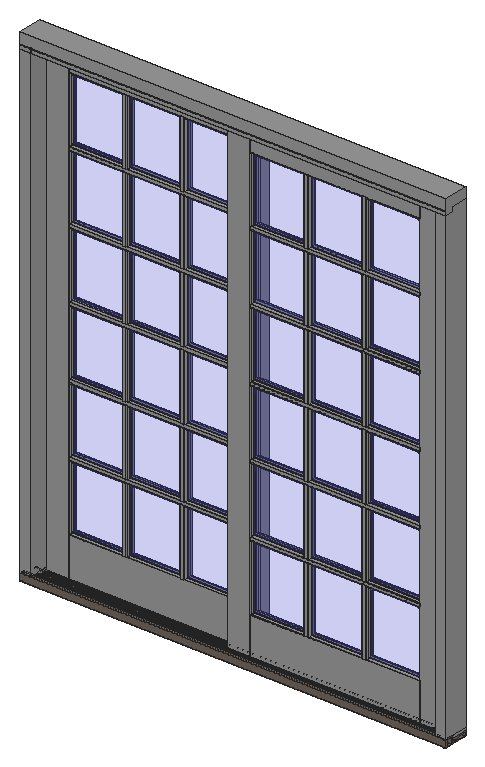
Revit family "VSDA1.8SP LH", category Doors, host Wall, Revit 2015
Parameters (values of type "VSDA1.8SP LH")
  Function = Interior
  Frame Projection Ext. = 25 mm
  Frame Projection Int. = 25 mm
  Frame Width = 75 mm
  Height = 2100 mm
  Wall Closure = By host
  Width = 1820 mm
Reference planes
  plane 1: y = 0
  plane 2 "Center (Left/Right)": x = 0
  plane 3 "Left": x = -910
  plane 4 "Right": x = 910
  plane 5: z = 2100
  plane 6 "Exterior": y = 75
  plane 7 "Interior": y = -75
Forms (mm)
  Extrusion 1, solid, material "Aluminium Cill (Bronze)"
    sketch origin (0, 79.18, -119.746) x (0, 1, 0) y (0, 0, -1)
      loop
        arc (-26.68, -120.746) -> (-26.972, -120.039) -> (-27.68, -119.746) r 1
        line (-27.68, -119.746) -> (-130.68, -119.746)
        arc (-130.68, -119.746) -> (-131.387, -120.039) -> (-131.68, -120.746) r 1
        line (-131.68, -120.746) -> (-131.68, -150.746)
        arc (-131.68, -150.746) -> (-131.387, -151.453) -> (-130.68, -151.746) r 1
        line (-130.68, -151.746) -> (-120.912, -151.746)
        arc (-120.912, -151.746) -> (-119.18, -150.746) -> (-117.447, -151.746) r 2
        line (-117.447, -151.746) -> (-112.912, -151.746)
        arc (-112.912, -151.746) -> (-111.18, -150.746) -> (-109.447, -151.746) r 2
        line (-109.447, -151.746) -> (-99.68, -151.746)
        arc (-99.68, -151.746) -> (-98.972, -151.453) -> (-98.68, -150.746) r 1
        line (-98.68, -150.746) -> (-98.68, -149.246)
        arc (-98.68, -149.246) -> (-99.18, -148.746) -> (-99.68, -149.246) r 0.5
        line (-99.68, -149.246) -> (-99.68, -150.246) -> (-100.88, -150.246) -> (-100.88, -142.734) -> (-99.68, -142.734) -> (-99.68, -143.746)
        arc (-99.68, -143.746) -> (-99.18, -144.246) -> (-98.68, -143.746) r 0.5
        line (-98.68, -143.746) -> (-98.68, -138.746) -> (-90.432, -138.746) -> (-82.18, -138.746) -> (-82.18, -135.246)
        arc (-82.18, -135.246) -> (-81.74, -134.185) -> (-80.68, -133.746) r 1.5
        line (-80.68, -133.746) -> (-75.93, -133.746) -> (-75.93, -135.746) -> (-77.363, -135.746)
        arc (-77.363, -135.746) -> (-74.68, -138.746) -> (-71.996, -135.746) r 2.7
        line (-71.996, -135.746) -> (-73.43, -135.746) -> (-73.43, -133.746) -> (-68.68, -133.746)
        arc (-68.68, -133.746) -> (-67.619, -134.185) -> (-67.18, -135.246) r 1.5
        line (-67.18, -135.246) -> (-67.18, -138.746) -> (-60.412, -138.746)
        arc (-60.412, -138.746) -> (-58.68, -137.746) -> (-56.947, -138.746) r 2
        line (-56.947, -138.746) -> (-52.412, -138.746)
        arc (-52.412, -138.746) -> (-50.68, -137.746) -> (-48.947, -138.746) r 2
        line (-48.947, -138.746) -> (-44.412, -138.746)
        arc (-44.412, -138.746) -> (-42.68, -137.746) -> (-40.947, -138.746) r 2
        line (-40.947, -138.746) -> (-29.68, -138.746)
        arc (-29.68, -138.746) -> (-27.558, -137.867) -> (-26.68, -135.746) r 3
        line (-26.68, -135.746) -> (-26.68, -120.746)
      loop
        arc (-29.68, -137.246) -> (-28.619, -136.807) -> (-28.18, -135.746) r 1.5
        line (-28.18, -135.746) -> (-28.18, -121.246) -> (-73.93, -121.246) -> (-73.93, -132.246) -> (-68.68, -132.246)
        arc (-68.68, -132.246) -> (-66.558, -133.125) -> (-65.68, -135.246) r 3
        line (-65.68, -135.246) -> (-65.68, -137.246) -> (-61.129, -137.246)
        arc (-61.129, -137.246) -> (-58.68, -136.246) -> (-56.23, -137.246) r 3.5
        line (-56.23, -137.246) -> (-53.129, -137.246)
        arc (-53.129, -137.246) -> (-50.68, -136.246) -> (-48.23, -137.246) r 3.5
        line (-48.23, -137.246) -> (-45.129, -137.246)
        arc (-45.129, -137.246) -> (-42.68, -136.246) -> (-40.23, -137.246) r 3.5
        line (-40.23, -137.246) -> (-29.68, -137.246)
      loop
        line (-75.43, -132.246) -> (-75.43, -121.246) -> (-98.68, -121.246) -> (-98.68, -137.246) -> (-83.68, -137.246) -> (-83.68, -135.246)
        arc (-83.68, -135.246) -> (-82.801, -133.125) -> (-80.68, -132.246) r 3
        line (-80.68, -132.246) -> (-75.43, -132.246)
      loop
        line (-100.18, -121.246) -> (-130.18, -121.246) -> (-130.18, -150.246) -> (-121.629, -150.246)
        arc (-121.629, -150.246) -> (-119.18, -149.246) -> (-116.73, -150.246) r 3.5
        line (-116.73, -150.246) -> (-113.629, -150.246)
        arc (-113.629, -150.246) -> (-111.18, -149.246) -> (-108.73, -150.246) r 3.5
        line (-108.73, -150.246) -> (-102.38, -150.246) -> (-102.38, -141.246) -> (-100.18, -141.246) -> (-100.18, -121.246)
    from -910 to 910
  Extrusion 2, solid, material "Lauan, Meranti"
    sketch origin (0, 0, 0) x (0, 1, 0) y (0, 0, -1)
      loop
        line (52.5, -2100) -> (52.5, -2057) -> (32.5, -2057) -> (32.5, -2055) -> (-20.5, -2055) -> (-20.5, -2041.5) -> (-27.5, -2041.5) -> (-27.5, -2038.5) -> (-20.5, -2038.5) -> (-20.5, -2035) -> (-52.5, -2035) -> (-52.5, -2052) -> (-49.5, -2052) -> (-49.5, -2055) -> (-52.5, -2055) -> (-52.5, -2100) -> (52.5, -2100)
    from -910 to 910
  Extrusion 3, solid, material "Lauan, Meranti"
    sketch origin (0, 0, 0) x (-1, 0, 0) y (0, -1, 0)
      loop
        line (-910, -52.5) -> (-867, -52.5) -> (-867, -32.5) -> (-865, -32.5) -> (-865, 52.5) -> (-910, 52.5) -> (-910, -52.5)
      loop
        line (910, -52.5) -> (910, 52.5) -> (865, 52.5) -> (865, -32.5) -> (867, -32.5) -> (867, -52.5) -> (910, -52.5)
    from 32 to 2057
  Extrusion 4, solid, material "Lauan, Meranti"
    sketch origin (0, 0, 0) x (-1, 0, 0) y (0, -1, 0)
      loop
        line (-845, -32.5) -> (-848.5, -32.5) -> (-848.5, -39.5) -> (-851.5, -39.5) -> (-851.5, -32.5) -> (-867, -32.5) -> (-867, -49.5) -> (-864, -49.5) -> (-864, -52.5) -> (-845, -52.5) -> (-845, -32.5)
    from 2035 to 19
  Extrusion 5, solid, material "Lauan, Meranti"
    sketch origin (0, 0, 0) x (0, 1, 0) y (0, 0, -1)
      loop
        line (52.5, -2054) -> (52.5, -2035) -> (32.5, -2035) -> (32.5, -2038.5) -> (39.5, -2038.5) -> (39.5, -2041.5) -> (32.5, -2041.5) -> (32.5, -2057) -> (49.5, -2057) -> (49.5, -2054) -> (52.5, -2054)
    from -867 to -52.5
  Extrusion 6, solid, material "Lauan, Meranti"
    sketch origin (0, 0, 0) x (-1, 0, 0) y (0, -1, 0)
      loop
        line (-910, -52.5) -> (-867, -52.5) -> (-867, -32.5) -> (-865, -32.5) -> (-865, 19.5) -> (-910, 19.5) -> (-910, -52.5)
      loop
        line (910, -52.5) -> (910, 19.5) -> (865, 19.5) -> (865, -32.5) -> (867, -32.5) -> (867, -52.5) -> (910, -52.5)
    from 19 to 32
  Extrusion 7, solid, material "Lauan, Meranti"
    sketch origin (0, 148.121, 19) x (-1, 0, 0) y (0, -1, 0)
      loop
        line (-769, 163.621) -> (-865, 163.621) -> (-865, 123.621) -> (-769, 123.621) -> (-769, 153.621) -> (-760, 153.621) -> (-760, 155.621) -> (-762, 155.621)
        arc (-762, 155.621) -> (-764.265, 160.061) -> (-769, 161.621) r 6.549
        line (-769, 161.621) -> (-769, 163.621)
      loop
        line (-43.5, 163.621) -> (-43.5, 161.621)
        arc (-43.5, 161.621) -> (-48.235, 160.061) -> (-50.5, 155.621) r 6.549
        line (-50.5, 155.621) -> (-52.5, 155.621) -> (-52.5, 153.621) -> (-43.5, 153.621) -> (-43.5, 123.621) -> (52.5, 123.621) -> (52.5, 163.621) -> (-43.5, 163.621)
      loop
        line (43.5, 117.121) -> (-52.5, 117.121) -> (-52.5, 77.121) -> (43.5, 77.121) -> (43.5, 107.121) -> (52.5, 107.121) -> (52.5, 109.121) -> (50.5, 109.121)
        arc (50.5, 109.121) -> (48.235, 113.561) -> (43.5, 115.121) r 6.549
        line (43.5, 115.121) -> (43.5, 117.121)
      loop
        line (769, 117.121) -> (769, 115.121)
        arc (769, 115.121) -> (764.265, 113.561) -> (762, 109.121) r 6.549
        line (762, 109.121) -> (760, 109.121) -> (760, 107.121) -> (769, 107.121) -> (769, 77.121) -> (865, 77.121) -> (865, 117.121) -> (769, 117.121)
    from 0 to 2036
  Extrusion 8, solid, material "Lauan, Meranti"
    sketch origin (0, 0, 0) x (0, 1, 0) y (0, 0, -1)
      loop
        line (-15.5, -190) -> (-13.5, -190)
        arc (-13.5, -190) -> (-11.866, -194.67) -> (-7.5, -197) r 6.807
        line (-7.5, -197) -> (-7.5, -199) -> (-5.5, -199) -> (-5.5, -190) -> (24.5, -190) -> (24.5, -19) -> (-15.5, -19) -> (-15.5, -190)
      loop
        arc (-7.5, -1952) -> (-11.866, -1954.33) -> (-13.5, -1959) r 6.807
        line (-13.5, -1959) -> (-15.5, -1959) -> (-15.5, -2055) -> (24.5, -2055) -> (24.5, -1959) -> (-5.5, -1959) -> (-5.5, -1950) -> (-7.5, -1950) -> (-7.5, -1952)
      loop
        line (-15.5, -1675) -> (-13.5, -1675)
        arc (-13.5, -1675) -> (-11.866, -1679.67) -> (-7.5, -1682) r 6.807
        line (-7.5, -1682) -> (-7.5, -1684) -> (-5.5, -1684) -> (-5.5, -1675) -> (24.5, -1675) -> (24.5, -1662) -> (-5.5, -1662) -> (-5.5, -1653) -> (-7.5, -1653) -> (-7.5, -1655)
        arc (-7.5, -1655) -> (-11.866, -1657.33) -> (-13.5, -1662) r 6.807
        line (-13.5, -1662) -> (-15.5, -1662) -> (-15.5, -1675)
      loop
        line (-15.5, -1378) -> (-13.5, -1378)
        arc (-13.5, -1378) -> (-11.866, -1382.67) -> (-7.5, -1385) r 6.807
        line (-7.5, -1385) -> (-7.5, -1387) -> (-5.5, -1387) -> (-5.5, -1378) -> (24.5, -1378) -> (24.5, -1365) -> (-5.5, -1365) -> (-5.5, -1356) -> (-7.5, -1356) -> (-7.5, -1358)
        arc (-7.5, -1358) -> (-11.866, -1360.33) -> (-13.5, -1365) r 6.807
        line (-13.5, -1365) -> (-15.5, -1365) -> (-15.5, -1378)
      loop
        line (-15.5, -1081) -> (-13.5, -1081)
        arc (-13.5, -1081) -> (-11.866, -1085.67) -> (-7.5, -1088) r 6.807
        line (-7.5, -1088) -> (-7.5, -1090) -> (-5.5, -1090) -> (-5.5, -1081) -> (24.5, -1081) -> (24.5, -1068) -> (-5.5, -1068) -> (-5.5, -1059) -> (-7.5, -1059) -> (-7.5, -1061)
        arc (-7.5, -1061) -> (-11.866, -1063.33) -> (-13.5, -1068) r 6.807
        line (-13.5, -1068) -> (-15.5, -1068) -> (-15.5, -1081)
      loop
        line (-15.5, -784) -> (-13.5, -784)
        arc (-13.5, -784) -> (-11.866, -788.67) -> (-7.5, -791) r 6.807
        line (-7.5, -791) -> (-7.5, -793) -> (-5.5, -793) -> (-5.5, -784) -> (24.5, -784) -> (24.5, -771) -> (-5.5, -771) -> (-5.5, -762) -> (-7.5, -762) -> (-7.5, -764)
        arc (-7.5, -764) -> (-11.866, -766.33) -> (-13.5, -771) r 6.807
        line (-13.5, -771) -> (-15.5, -771) -> (-15.5, -784)
      loop
        line (-15.5, -487) -> (-13.5, -487)
        arc (-13.5, -487) -> (-11.866, -491.67) -> (-7.5, -494) r 6.807
        line (-7.5, -494) -> (-7.5, -496) -> (-5.5, -496) -> (-5.5, -487) -> (24.5, -487) -> (24.5, -474) -> (-5.5, -474) -> (-5.5, -465) -> (-7.5, -465) -> (-7.5, -467)
        arc (-7.5, -467) -> (-11.866, -469.33) -> (-13.5, -474) r 6.807
        line (-13.5, -474) -> (-15.5, -474) -> (-15.5, -487)
    from -769 to -43.5
  Extrusion 9, solid, material "Lauan, Meranti"
    sketch origin (-1020, 46.5, 0) x (0, 1, 0) y (0, 0, -1)
      loop
        line (-15.5, -190) -> (-13.5, -190)
        arc (-13.5, -190) -> (-11.866, -194.67) -> (-7.5, -197) r 6.807
        line (-7.5, -197) -> (-7.5, -199) -> (-5.5, -199) -> (-5.5, -190) -> (24.5, -190) -> (24.5, -19) -> (-15.5, -19) -> (-15.5, -190)
      loop
        arc (-7.5, -1952) -> (-11.866, -1954.33) -> (-13.5, -1959) r 6.807
        line (-13.5, -1959) -> (-15.5, -1959) -> (-15.5, -2055) -> (24.5, -2055) -> (24.5, -1959) -> (-5.5, -1959) -> (-5.5, -1950) -> (-7.5, -1950) -> (-7.5, -1952)
      loop
        line (-15.5, -1675) -> (-13.5, -1675)
        arc (-13.5, -1675) -> (-11.866, -1679.67) -> (-7.5, -1682) r 6.807
        line (-7.5, -1682) -> (-7.5, -1684) -> (-5.5, -1684) -> (-5.5, -1675) -> (24.5, -1675) -> (24.5, -1662) -> (-5.5, -1662) -> (-5.5, -1653) -> (-7.5, -1653) -> (-7.5, -1655)
        arc (-7.5, -1655) -> (-11.866, -1657.33) -> (-13.5, -1662) r 6.807
        line (-13.5, -1662) -> (-15.5, -1662) -> (-15.5, -1675)
      loop
        line (-15.5, -1378) -> (-13.5, -1378)
        arc (-13.5, -1378) -> (-11.866, -1382.67) -> (-7.5, -1385) r 6.807
        line (-7.5, -1385) -> (-7.5, -1387) -> (-5.5, -1387) -> (-5.5, -1378) -> (24.5, -1378) -> (24.5, -1365) -> (-5.5, -1365) -> (-5.5, -1356) -> (-7.5, -1356) -> (-7.5, -1358)
        arc (-7.5, -1358) -> (-11.866, -1360.33) -> (-13.5, -1365) r 6.807
        line (-13.5, -1365) -> (-15.5, -1365) -> (-15.5, -1378)
      loop
        line (-15.5, -1081) -> (-13.5, -1081)
        arc (-13.5, -1081) -> (-11.866, -1085.67) -> (-7.5, -1088) r 6.807
        line (-7.5, -1088) -> (-7.5, -1090) -> (-5.5, -1090) -> (-5.5, -1081) -> (24.5, -1081) -> (24.5, -1068) -> (-5.5, -1068) -> (-5.5, -1059) -> (-7.5, -1059) -> (-7.5, -1061)
        arc (-7.5, -1061) -> (-11.866, -1063.33) -> (-13.5, -1068) r 6.807
        line (-13.5, -1068) -> (-15.5, -1068) -> (-15.5, -1081)
      loop
        line (-15.5, -784) -> (-13.5, -784)
        arc (-13.5, -784) -> (-11.866, -788.67) -> (-7.5, -791) r 6.807
        line (-7.5, -791) -> (-7.5, -793) -> (-5.5, -793) -> (-5.5, -784) -> (24.5, -784) -> (24.5, -771) -> (-5.5, -771) -> (-5.5, -762) -> (-7.5, -762) -> (-7.5, -764)
        arc (-7.5, -764) -> (-11.866, -766.33) -> (-13.5, -771) r 6.807
        line (-13.5, -771) -> (-15.5, -771) -> (-15.5, -784)
      loop
        line (-15.5, -487) -> (-13.5, -487)
        arc (-13.5, -487) -> (-11.866, -491.67) -> (-7.5, -494) r 6.807
        line (-7.5, -494) -> (-7.5, -496) -> (-5.5, -496) -> (-5.5, -487) -> (24.5, -487) -> (24.5, -474) -> (-5.5, -474) -> (-5.5, -465) -> (-7.5, -465) -> (-7.5, -467)
        arc (-7.5, -467) -> (-11.866, -469.33) -> (-13.5, -474) r 6.807
        line (-13.5, -474) -> (-15.5, -474) -> (-15.5, -487)
    from -976.5 to -251
  Sweep 10, solid, material "Lauan, Meranti"
    path origin (-255.605, -75, -781.763) x (-1, 0, 0) y (0, 0, -1)
      loop
        line (280.228, -2740.763) -> (513.395, -2740.763) -> (513.395, -2456.763) -> (280.228, -2456.763) -> (280.228, -2740.763)
    profile origin (-652.417, -75, 1959) x (0, 0, -1) y (0, -1, 0)
      loop
        line (9, -124.5) -> (0, -124.5) -> (0, -132.5)
        arc (0, -132.5) -> (4.67, -130.866) -> (7, -126.5) r 6.807
        line (7, -126.5) -> (9, -126.5) -> (9, -124.5)
  Extrusion 11, solid, material "Glass"
    sketch origin (-528.125, -64.05, -73.649) x (-1, 0, 0) y (0, 0, -1)
      loop
        line (240.865, -2032.637) -> (240.865, -1748.649) -> (7.708, -1748.649) -> (7.708, -2032.637) -> (240.865, -2032.637)
      loop
        line (-5.292, -2032.649) -> (-5.292, -1748.649) -> (-238.458, -1748.649) -> (-238.458, -2032.649) -> (-5.292, -2032.649)
      loop
        line (-251.458, -2032.649) -> (-251.458, -1748.649) -> (-484.625, -1748.649) -> (-484.625, -2032.649) -> (-251.458, -2032.649)
      loop
        line (240.865, -1735.637) -> (240.865, -1451.649) -> (7.708, -1451.649) -> (7.708, -1735.637) -> (240.865, -1735.637)
      loop
        line (-5.292, -1735.649) -> (-5.292, -1451.649) -> (-238.458, -1451.649) -> (-238.458, -1735.649) -> (-5.292, -1735.649)
      loop
        line (-251.458, -1735.649) -> (-251.458, -1451.649) -> (-484.625, -1451.649) -> (-484.625, -1735.649) -> (-251.458, -1735.649)
      loop
        line (240.865, -1438.637) -> (240.865, -1154.649) -> (7.708, -1154.649) -> (7.708, -1438.637) -> (240.865, -1438.637)
      loop
        line (-5.292, -1438.649) -> (-5.292, -1154.649) -> (-238.458, -1154.649) -> (-238.458, -1438.649) -> (-5.292, -1438.649)
      loop
        line (-251.458, -1438.649) -> (-251.458, -1154.649) -> (-484.625, -1154.649) -> (-484.625, -1438.649) -> (-251.458, -1438.649)
      loop
        line (240.865, -1141.637) -> (240.865, -857.649) -> (7.708, -857.649) -> (7.708, -1141.637) -> (240.865, -1141.637)
      loop
        line (-5.292, -1141.649) -> (-5.292, -857.649) -> (-238.458, -857.649) -> (-238.458, -1141.649) -> (-5.292, -1141.649)
      loop
        line (-251.458, -1141.649) -> (-251.458, -857.649) -> (-484.625, -857.649) -> (-484.625, -1141.649) -> (-251.458, -1141.649)
      loop
        line (240.865, -844.637) -> (240.865, -560.649) -> (7.708, -560.649) -> (7.708, -844.637) -> (240.865, -844.637)
      loop
        line (-5.292, -844.649) -> (-5.292, -560.649) -> (-238.458, -560.649) -> (-238.458, -844.649) -> (-5.292, -844.649)
      loop
        line (-251.458, -844.649) -> (-251.458, -560.649) -> (-484.625, -560.649) -> (-484.625, -844.649) -> (-251.458, -844.649)
      loop
        line (240.865, -547.637) -> (240.865, -263.649) -> (7.708, -263.649) -> (7.708, -547.637) -> (240.865, -547.637)
      loop
        line (-5.292, -547.649) -> (-5.292, -263.649) -> (-238.458, -263.649) -> (-238.458, -547.649) -> (-5.292, -547.649)
      loop
        line (-251.458, -547.649) -> (-251.458, -263.649) -> (-484.625, -263.649) -> (-484.625, -547.649) -> (-251.458, -547.649)
    from -112.5 to -106.1
  Extrusion 12, solid, material "Lauan, Meranti"
    sketch origin (0, 0, 0) x (-1, 0, 0) y (0, -1, 0)
      loop
        line (522.833, -31) -> (522.833, -33)
        arc (522.833, -33) -> (518.163, -34.634) -> (515.833, -39) r 6.807
        line (515.833, -39) -> (513.833, -39) -> (513.833, -41) -> (522.833, -41) -> (522.833, -71) -> (535.833, -71) -> (535.833, -41) -> (544.833, -41) -> (544.833, -39) -> (542.833, -39)
        arc (542.833, -39) -> (540.504, -34.634) -> (535.833, -33) r 6.807
        line (535.833, -33) -> (535.833, -31) -> (522.833, -31)
      loop
        line (289.667, -31) -> (276.667, -31) -> (276.667, -33)
        arc (276.667, -33) -> (271.996, -34.634) -> (269.667, -39) r 6.807
        line (269.667, -39) -> (267.667, -39) -> (267.667, -41) -> (276.667, -41) -> (276.667, -71) -> (289.667, -71) -> (289.667, -41) -> (298.667, -41) -> (298.667, -39) -> (296.667, -39)
        arc (296.667, -39) -> (294.337, -34.634) -> (289.667, -33) r 6.807
        line (289.667, -33) -> (289.667, -31)
    from 1675 to 1959
  Extrusion 13, solid, material "Lauan, Meranti"
    sketch origin (0, 0, -297) x (-1, 0, 0) y (0, -1, 0)
      loop
        line (522.833, -31) -> (522.833, -33)
        arc (522.833, -33) -> (518.163, -34.634) -> (515.833, -39) r 6.807
        line (515.833, -39) -> (513.833, -39) -> (513.833, -41) -> (522.833, -41) -> (522.833, -71) -> (535.833, -71) -> (535.833, -41) -> (544.833, -41) -> (544.833, -39) -> (542.833, -39)
        arc (542.833, -39) -> (540.504, -34.634) -> (535.833, -33) r 6.807
        line (535.833, -33) -> (535.833, -31) -> (522.833, -31)
      loop
        line (289.667, -31) -> (276.667, -31) -> (276.667, -33)
        arc (276.667, -33) -> (271.996, -34.634) -> (269.667, -39) r 6.807
        line (269.667, -39) -> (267.667, -39) -> (267.667, -41) -> (276.667, -41) -> (276.667, -71) -> (289.667, -71) -> (289.667, -41) -> (298.667, -41) -> (298.667, -39) -> (296.667, -39)
        arc (296.667, -39) -> (294.337, -34.634) -> (289.667, -33) r 6.807
        line (289.667, -33) -> (289.667, -31)
    from 1675 to 1959
  Extrusion 14, solid, material "Lauan, Meranti"
    sketch origin (0, 0, -594) x (-1, 0, 0) y (0, -1, 0)
      loop
        line (522.833, -31) -> (522.833, -33)
        arc (522.833, -33) -> (518.163, -34.634) -> (515.833, -39) r 6.807
        line (515.833, -39) -> (513.833, -39) -> (513.833, -41) -> (522.833, -41) -> (522.833, -71) -> (535.833, -71) -> (535.833, -41) -> (544.833, -41) -> (544.833, -39) -> (542.833, -39)
        arc (542.833, -39) -> (540.504, -34.634) -> (535.833, -33) r 6.807
        line (535.833, -33) -> (535.833, -31) -> (522.833, -31)
      loop
        line (289.667, -31) -> (276.667, -31) -> (276.667, -33)
        arc (276.667, -33) -> (271.996, -34.634) -> (269.667, -39) r 6.807
        line (269.667, -39) -> (267.667, -39) -> (267.667, -41) -> (276.667, -41) -> (276.667, -71) -> (289.667, -71) -> (289.667, -41) -> (298.667, -41) -> (298.667, -39) -> (296.667, -39)
        arc (296.667, -39) -> (294.337, -34.634) -> (289.667, -33) r 6.807
        line (289.667, -33) -> (289.667, -31)
    from 1675 to 1959
  Extrusion 15, solid, material "Lauan, Meranti"
    sketch origin (0, 0, -891) x (-1, 0, 0) y (0, -1, 0)
      loop
        line (522.833, -31) -> (522.833, -33)
        arc (522.833, -33) -> (518.163, -34.634) -> (515.833, -39) r 6.807
        line (515.833, -39) -> (513.833, -39) -> (513.833, -41) -> (522.833, -41) -> (522.833, -71) -> (535.833, -71) -> (535.833, -41) -> (544.833, -41) -> (544.833, -39) -> (542.833, -39)
        arc (542.833, -39) -> (540.504, -34.634) -> (535.833, -33) r 6.807
        line (535.833, -33) -> (535.833, -31) -> (522.833, -31)
      loop
        line (289.667, -31) -> (276.667, -31) -> (276.667, -33)
        arc (276.667, -33) -> (271.996, -34.634) -> (269.667, -39) r 6.807
        line (269.667, -39) -> (267.667, -39) -> (267.667, -41) -> (276.667, -41) -> (276.667, -71) -> (289.667, -71) -> (289.667, -41) -> (298.667, -41) -> (298.667, -39) -> (296.667, -39)
        arc (296.667, -39) -> (294.337, -34.634) -> (289.667, -33) r 6.807
        line (289.667, -33) -> (289.667, -31)
    from 1675 to 1959
  Extrusion 16, solid, material "Lauan, Meranti"
    sketch origin (0, 0, -1188) x (-1, 0, 0) y (0, -1, 0)
      loop
        line (522.833, -31) -> (522.833, -33)
        arc (522.833, -33) -> (518.163, -34.634) -> (515.833, -39) r 6.807
        line (515.833, -39) -> (513.833, -39) -> (513.833, -41) -> (522.833, -41) -> (522.833, -71) -> (535.833, -71) -> (535.833, -41) -> (544.833, -41) -> (544.833, -39) -> (542.833, -39)
        arc (542.833, -39) -> (540.504, -34.634) -> (535.833, -33) r 6.807
        line (535.833, -33) -> (535.833, -31) -> (522.833, -31)
      loop
        line (289.667, -31) -> (276.667, -31) -> (276.667, -33)
        arc (276.667, -33) -> (271.996, -34.634) -> (269.667, -39) r 6.807
        line (269.667, -39) -> (267.667, -39) -> (267.667, -41) -> (276.667, -41) -> (276.667, -71) -> (289.667, -71) -> (289.667, -41) -> (298.667, -41) -> (298.667, -39) -> (296.667, -39)
        arc (296.667, -39) -> (294.337, -34.634) -> (289.667, -33) r 6.807
        line (289.667, -33) -> (289.667, -31)
    from 1675 to 1959
  Extrusion 17, solid, material "Lauan, Meranti"
    sketch origin (0, 0, -1485) x (-1, 0, 0) y (0, -1, 0)
      loop
        line (522.833, -31) -> (522.833, -33)
        arc (522.833, -33) -> (518.163, -34.634) -> (515.833, -39) r 6.807
        line (515.833, -39) -> (513.833, -39) -> (513.833, -41) -> (522.833, -41) -> (522.833, -71) -> (535.833, -71) -> (535.833, -41) -> (544.833, -41) -> (544.833, -39) -> (542.833, -39)
        arc (542.833, -39) -> (540.504, -34.634) -> (535.833, -33) r 6.807
        line (535.833, -33) -> (535.833, -31) -> (522.833, -31)
      loop
        line (289.667, -31) -> (276.667, -31) -> (276.667, -33)
        arc (276.667, -33) -> (271.996, -34.634) -> (269.667, -39) r 6.807
        line (269.667, -39) -> (267.667, -39) -> (267.667, -41) -> (276.667, -41) -> (276.667, -71) -> (289.667, -71) -> (289.667, -41) -> (298.667, -41) -> (298.667, -39) -> (296.667, -39)
        arc (296.667, -39) -> (294.337, -34.634) -> (289.667, -33) r 6.807
        line (289.667, -33) -> (289.667, -31)
    from 1675 to 1959
  Sweep 18, solid, material "Lauan, Meranti"
    path origin (-9.439, -75, -781.763) x (-1, 0, 0) y (0, 0, -1)
      loop
        line (280.228, -2740.763) -> (513.395, -2740.763) -> (513.395, -2456.763) -> (280.228, -2456.763) -> (280.228, -2740.763)
    profile origin (-406.25, -75, 1959) x (0, 0, -1) y (0, -1, 0)
      loop
        line (9, -124.5) -> (0, -124.5) -> (0, -132.5)
        arc (0, -132.5) -> (4.67, -130.866) -> (7, -126.5) r 6.807
        line (7, -126.5) -> (9, -126.5) -> (9, -124.5)
  Sweep 19, solid, material "Lauan, Meranti"
    path origin (236.728, -75, -781.763) x (-1, 0, 0) y (0, 0, -1)
      loop
        line (280.228, -2740.763) -> (513.395, -2740.763) -> (513.395, -2456.763) -> (280.228, -2456.763) -> (280.228, -2740.763)
    profile origin (-160.083, -75, 1959) x (0, 0, -1) y (0, -1, 0)
      loop
        line (9, -124.5) -> (0, -124.5) -> (0, -132.5)
        arc (0, -132.5) -> (4.67, -130.866) -> (7, -126.5) r 6.807
        line (7, -126.5) -> (9, -126.5) -> (9, -124.5)
  Sweep 20, solid, material "Lauan, Meranti"
    path origin (-255.605, -75, -1078.763) x (-1, 0, 0) y (0, 0, -1)
      loop
        line (280.228, -2740.763) -> (513.395, -2740.763) -> (513.395, -2456.763) -> (280.228, -2456.763) -> (280.228, -2740.763)
    profile origin (-652.417, -75, 1662) x (0, 0, -1) y (0, -1, 0)
      loop
        line (9, -124.5) -> (0, -124.5) -> (0, -132.5)
        arc (0, -132.5) -> (4.67, -130.866) -> (7, -126.5) r 6.807
        line (7, -126.5) -> (9, -126.5) -> (9, -124.5)
  Sweep 21, solid, material "Lauan, Meranti"
    path origin (-9.439, -75, -1078.763) x (-1, 0, 0) y (0, 0, -1)
      loop
        line (280.228, -2740.763) -> (513.395, -2740.763) -> (513.395, -2456.763) -> (280.228, -2456.763) -> (280.228, -2740.763)
    profile origin (-406.25, -75, 1662) x (0, 0, -1) y (0, -1, 0)
      loop
        line (9, -124.5) -> (0, -124.5) -> (0, -132.5)
        arc (0, -132.5) -> (4.67, -130.866) -> (7, -126.5) r 6.807
        line (7, -126.5) -> (9, -126.5) -> (9, -124.5)
  Sweep 22, solid, material "Lauan, Meranti"
    path origin (236.728, -75, -1078.763) x (-1, 0, 0) y (0, 0, -1)
      loop
        line (280.228, -2740.763) -> (513.395, -2740.763) -> (513.395, -2456.763) -> (280.228, -2456.763) -> (280.228, -2740.763)
    profile origin (-160.083, -75, 1662) x (0, 0, -1) y (0, -1, 0)
      loop
        line (9, -124.5) -> (0, -124.5) -> (0, -132.5)
        arc (0, -132.5) -> (4.67, -130.866) -> (7, -126.5) r 6.807
        line (7, -126.5) -> (9, -126.5) -> (9, -124.5)
  Sweep 23, solid, material "Lauan, Meranti"
    path origin (-255.605, -75, -1375.763) x (-1, 0, 0) y (0, 0, -1)
      loop
        line (280.228, -2740.763) -> (513.395, -2740.763) -> (513.395, -2456.763) -> (280.228, -2456.763) -> (280.228, -2740.763)
    profile origin (-652.417, -75, 1365) x (0, 0, -1) y (0, -1, 0)
      loop
        line (9, -124.5) -> (0, -124.5) -> (0, -132.5)
        arc (0, -132.5) -> (4.67, -130.866) -> (7, -126.5) r 6.807
        line (7, -126.5) -> (9, -126.5) -> (9, -124.5)
  Sweep 24, solid, material "Lauan, Meranti"
    path origin (-9.439, -75, -1375.763) x (-1, 0, 0) y (0, 0, -1)
      loop
        line (280.228, -2740.763) -> (513.395, -2740.763) -> (513.395, -2456.763) -> (280.228, -2456.763) -> (280.228, -2740.763)
    profile origin (-406.25, -75, 1365) x (0, 0, -1) y (0, -1, 0)
      loop
        line (9, -124.5) -> (0, -124.5) -> (0, -132.5)
        arc (0, -132.5) -> (4.67, -130.866) -> (7, -126.5) r 6.807
        line (7, -126.5) -> (9, -126.5) -> (9, -124.5)
  Sweep 25, solid, material "Lauan, Meranti"
    path origin (236.728, -75, -1375.763) x (-1, 0, 0) y (0, 0, -1)
      loop
        line (280.228, -2740.763) -> (513.395, -2740.763) -> (513.395, -2456.763) -> (280.228, -2456.763) -> (280.228, -2740.763)
    profile origin (-160.083, -75, 1365) x (0, 0, -1) y (0, -1, 0)
      loop
        line (9, -124.5) -> (0, -124.5) -> (0, -132.5)
        arc (0, -132.5) -> (4.67, -130.866) -> (7, -126.5) r 6.807
        line (7, -126.5) -> (9, -126.5) -> (9, -124.5)
  Sweep 26, solid, material "Lauan, Meranti"
    path origin (-255.605, -75, -1672.763) x (-1, 0, 0) y (0, 0, -1)
      loop
        line (280.228, -2740.763) -> (513.395, -2740.763) -> (513.395, -2456.763) -> (280.228, -2456.763) -> (280.228, -2740.763)
    profile origin (-652.417, -75, 1068) x (0, 0, -1) y (0, -1, 0)
      loop
        line (9, -124.5) -> (0, -124.5) -> (0, -132.5)
        arc (0, -132.5) -> (4.67, -130.866) -> (7, -126.5) r 6.807
        line (7, -126.5) -> (9, -126.5) -> (9, -124.5)
  Sweep 27, solid, material "Lauan, Meranti"
    path origin (-9.439, -75, -1672.763) x (-1, 0, 0) y (0, 0, -1)
      loop
        line (280.228, -2740.763) -> (513.395, -2740.763) -> (513.395, -2456.763) -> (280.228, -2456.763) -> (280.228, -2740.763)
    profile origin (-406.25, -75, 1068) x (0, 0, -1) y (0, -1, 0)
      loop
        line (9, -124.5) -> (0, -124.5) -> (0, -132.5)
        arc (0, -132.5) -> (4.67, -130.866) -> (7, -126.5) r 6.807
        line (7, -126.5) -> (9, -126.5) -> (9, -124.5)
  Sweep 28, solid, material "Lauan, Meranti"
    path origin (236.728, -75, -1672.763) x (-1, 0, 0) y (0, 0, -1)
      loop
        line (280.228, -2740.763) -> (513.395, -2740.763) -> (513.395, -2456.763) -> (280.228, -2456.763) -> (280.228, -2740.763)
    profile origin (-160.083, -75, 1068) x (0, 0, -1) y (0, -1, 0)
      loop
        line (9, -124.5) -> (0, -124.5) -> (0, -132.5)
        arc (0, -132.5) -> (4.67, -130.866) -> (7, -126.5) r 6.807
        line (7, -126.5) -> (9, -126.5) -> (9, -124.5)
  Sweep 29, solid, material "Lauan, Meranti"
    path origin (-255.605, -75, -1969.763) x (-1, 0, 0) y (0, 0, -1)
      loop
        line (280.228, -2740.763) -> (513.395, -2740.763) -> (513.395, -2456.763) -> (280.228, -2456.763) -> (280.228, -2740.763)
    profile origin (-652.417, -75, 771) x (0, 0, -1) y (0, -1, 0)
      loop
        line (9, -124.5) -> (0, -124.5) -> (0, -132.5)
        arc (0, -132.5) -> (4.67, -130.866) -> (7, -126.5) r 6.807
        line (7, -126.5) -> (9, -126.5) -> (9, -124.5)
  Sweep 30, solid, material "Lauan, Meranti"
    path origin (-9.439, -75, -1969.763) x (-1, 0, 0) y (0, 0, -1)
      loop
        line (280.228, -2740.763) -> (513.395, -2740.763) -> (513.395, -2456.763) -> (280.228, -2456.763) -> (280.228, -2740.763)
    profile origin (-406.25, -75, 771) x (0, 0, -1) y (0, -1, 0)
      loop
        line (9, -124.5) -> (0, -124.5) -> (0, -132.5)
        arc (0, -132.5) -> (4.67, -130.866) -> (7, -126.5) r 6.807
        line (7, -126.5) -> (9, -126.5) -> (9, -124.5)
  Sweep 31, solid, material "Lauan, Meranti"
    path origin (236.728, -75, -1969.763) x (-1, 0, 0) y (0, 0, -1)
      loop
        line (280.228, -2740.763) -> (513.395, -2740.763) -> (513.395, -2456.763) -> (280.228, -2456.763) -> (280.228, -2740.763)
    profile origin (-160.083, -75, 771) x (0, 0, -1) y (0, -1, 0)
      loop
        line (9, -124.5) -> (0, -124.5) -> (0, -132.5)
        arc (0, -132.5) -> (4.67, -130.866) -> (7, -126.5) r 6.807
        line (7, -126.5) -> (9, -126.5) -> (9, -124.5)
  Sweep 32, solid, material "Lauan, Meranti"
    path origin (-255.605, -75, -2266.763) x (-1, 0, 0) y (0, 0, -1)
      loop
        line (280.228, -2740.763) -> (513.395, -2740.763) -> (513.395, -2456.763) -> (280.228, -2456.763) -> (280.228, -2740.763)
    profile origin (-652.417, -75, 474) x (0, 0, -1) y (0, -1, 0)
      loop
        line (9, -124.5) -> (0, -124.5) -> (0, -132.5)
        arc (0, -132.5) -> (4.67, -130.866) -> (7, -126.5) r 6.807
        line (7, -126.5) -> (9, -126.5) -> (9, -124.5)
  Sweep 33, solid, material "Lauan, Meranti"
    path origin (-9.439, -75, -2266.763) x (-1, 0, 0) y (0, 0, -1)
      loop
        line (280.228, -2740.763) -> (513.395, -2740.763) -> (513.395, -2456.763) -> (280.228, -2456.763) -> (280.228, -2740.763)
    profile origin (-406.25, -75, 474) x (0, 0, -1) y (0, -1, 0)
      loop
        line (9, -124.5) -> (0, -124.5) -> (0, -132.5)
        arc (0, -132.5) -> (4.67, -130.866) -> (7, -126.5) r 6.807
        line (7, -126.5) -> (9, -126.5) -> (9, -124.5)
  Sweep 34, solid, material "Lauan, Meranti"
    path origin (236.728, -75, -2266.763) x (-1, 0, 0) y (0, 0, -1)
      loop
        line (280.228, -2740.763) -> (513.395, -2740.763) -> (513.395, -2456.763) -> (280.228, -2456.763) -> (280.228, -2740.763)
    profile origin (-160.083, -75, 474) x (0, 0, -1) y (0, -1, 0)
      loop
        line (9, -124.5) -> (0, -124.5) -> (0, -132.5)
        arc (0, -132.5) -> (4.67, -130.866) -> (7, -126.5) r 6.807
        line (7, -126.5) -> (9, -126.5) -> (9, -124.5)
  Sweep 35, solid, material "Lauan, Meranti"
    path origin (556.895, -121.5, -781.763) x (-1, 0, 0) y (0, 0, -1)
      loop
        line (280.228, -2740.763) -> (513.395, -2740.763) -> (513.395, -2456.763) -> (280.228, -2456.763) -> (280.228, -2740.763)
    profile origin (160.083, -121.5, 1959) x (0, 0, -1) y (0, -1, 0)
      loop
        line (9, -124.5) -> (0, -124.5) -> (0, -132.5)
        arc (0, -132.5) -> (4.67, -130.866) -> (7, -126.5) r 6.807
        line (7, -126.5) -> (9, -126.5) -> (9, -124.5)
  Extrusion 36, solid, material "Glass"
    sketch origin (284.375, -110.55, -73.649) x (-1, 0, 0) y (0, 0, -1)
      loop
        line (240.865, -2032.637) -> (240.865, -1748.649) -> (7.708, -1748.649) -> (7.708, -2032.637) -> (240.865, -2032.637)
      loop
        line (-5.292, -2032.649) -> (-5.292, -1748.649) -> (-238.458, -1748.649) -> (-238.458, -2032.649) -> (-5.292, -2032.649)
      loop
        line (-251.458, -2032.649) -> (-251.458, -1748.649) -> (-484.625, -1748.649) -> (-484.625, -2032.649) -> (-251.458, -2032.649)
      loop
        line (240.865, -1735.637) -> (240.865, -1451.649) -> (7.708, -1451.649) -> (7.708, -1735.637) -> (240.865, -1735.637)
      loop
        line (-5.292, -1735.649) -> (-5.292, -1451.649) -> (-238.458, -1451.649) -> (-238.458, -1735.649) -> (-5.292, -1735.649)
      loop
        line (-251.458, -1735.649) -> (-251.458, -1451.649) -> (-484.625, -1451.649) -> (-484.625, -1735.649) -> (-251.458, -1735.649)
      loop
        line (240.865, -1438.637) -> (240.865, -1154.649) -> (7.708, -1154.649) -> (7.708, -1438.637) -> (240.865, -1438.637)
      loop
        line (-5.292, -1438.649) -> (-5.292, -1154.649) -> (-238.458, -1154.649) -> (-238.458, -1438.649) -> (-5.292, -1438.649)
      loop
        line (-251.458, -1438.649) -> (-251.458, -1154.649) -> (-484.625, -1154.649) -> (-484.625, -1438.649) -> (-251.458, -1438.649)
      loop
        line (240.865, -1141.637) -> (240.865, -857.649) -> (7.708, -857.649) -> (7.708, -1141.637) -> (240.865, -1141.637)
      loop
        line (-5.292, -1141.649) -> (-5.292, -857.649) -> (-238.458, -857.649) -> (-238.458, -1141.649) -> (-5.292, -1141.649)
      loop
        line (-251.458, -1141.649) -> (-251.458, -857.649) -> (-484.625, -857.649) -> (-484.625, -1141.649) -> (-251.458, -1141.649)
      loop
        line (240.865, -844.637) -> (240.865, -560.649) -> (7.708, -560.649) -> (7.708, -844.637) -> (240.865, -844.637)
      loop
        line (-5.292, -844.649) -> (-5.292, -560.649) -> (-238.458, -560.649) -> (-238.458, -844.649) -> (-5.292, -844.649)
      loop
        line (-251.458, -844.649) -> (-251.458, -560.649) -> (-484.625, -560.649) -> (-484.625, -844.649) -> (-251.458, -844.649)
      loop
        line (240.865, -547.637) -> (240.865, -263.649) -> (7.708, -263.649) -> (7.708, -547.637) -> (240.865, -547.637)
      loop
        line (-5.292, -547.649) -> (-5.292, -263.649) -> (-238.458, -263.649) -> (-238.458, -547.649) -> (-5.292, -547.649)
      loop
        line (-251.458, -547.649) -> (-251.458, -263.649) -> (-484.625, -263.649) -> (-484.625, -547.649) -> (-251.458, -547.649)
    from -112.5 to -106.1
  Extrusion 37, solid, material "Lauan, Meranti"
    sketch origin (812.5, -46.5, 0) x (-1, 0, 0) y (0, -1, 0)
      loop
        line (522.833, -31) -> (522.833, -33)
        arc (522.833, -33) -> (518.163, -34.634) -> (515.833, -39) r 6.807
        line (515.833, -39) -> (513.833, -39) -> (513.833, -41) -> (522.833, -41) -> (522.833, -71) -> (535.833, -71) -> (535.833, -41) -> (544.833, -41) -> (544.833, -39) -> (542.833, -39)
        arc (542.833, -39) -> (540.504, -34.634) -> (535.833, -33) r 6.807
        line (535.833, -33) -> (535.833, -31) -> (522.833, -31)
      loop
        line (289.667, -31) -> (276.667, -31) -> (276.667, -33)
        arc (276.667, -33) -> (271.996, -34.634) -> (269.667, -39) r 6.807
        line (269.667, -39) -> (267.667, -39) -> (267.667, -41) -> (276.667, -41) -> (276.667, -71) -> (289.667, -71) -> (289.667, -41) -> (298.667, -41) -> (298.667, -39) -> (296.667, -39)
        arc (296.667, -39) -> (294.337, -34.634) -> (289.667, -33) r 6.807
        line (289.667, -33) -> (289.667, -31)
    from 1675 to 1959
  Extrusion 38, solid, material "Lauan, Meranti"
    sketch origin (812.5, -46.5, -297) x (-1, 0, 0) y (0, -1, 0)
      loop
        line (522.833, -31) -> (522.833, -33)
        arc (522.833, -33) -> (518.163, -34.634) -> (515.833, -39) r 6.807
        line (515.833, -39) -> (513.833, -39) -> (513.833, -41) -> (522.833, -41) -> (522.833, -71) -> (535.833, -71) -> (535.833, -41) -> (544.833, -41) -> (544.833, -39) -> (542.833, -39)
        arc (542.833, -39) -> (540.504, -34.634) -> (535.833, -33) r 6.807
        line (535.833, -33) -> (535.833, -31) -> (522.833, -31)
      loop
        line (289.667, -31) -> (276.667, -31) -> (276.667, -33)
        arc (276.667, -33) -> (271.996, -34.634) -> (269.667, -39) r 6.807
        line (269.667, -39) -> (267.667, -39) -> (267.667, -41) -> (276.667, -41) -> (276.667, -71) -> (289.667, -71) -> (289.667, -41) -> (298.667, -41) -> (298.667, -39) -> (296.667, -39)
        arc (296.667, -39) -> (294.337, -34.634) -> (289.667, -33) r 6.807
        line (289.667, -33) -> (289.667, -31)
    from 1675 to 1959
  Extrusion 39, solid, material "Lauan, Meranti"
    sketch origin (812.5, -46.5, -594) x (-1, 0, 0) y (0, -1, 0)
      loop
        line (522.833, -31) -> (522.833, -33)
        arc (522.833, -33) -> (518.163, -34.634) -> (515.833, -39) r 6.807
        line (515.833, -39) -> (513.833, -39) -> (513.833, -41) -> (522.833, -41) -> (522.833, -71) -> (535.833, -71) -> (535.833, -41) -> (544.833, -41) -> (544.833, -39) -> (542.833, -39)
        arc (542.833, -39) -> (540.504, -34.634) -> (535.833, -33) r 6.807
        line (535.833, -33) -> (535.833, -31) -> (522.833, -31)
      loop
        line (289.667, -31) -> (276.667, -31) -> (276.667, -33)
        arc (276.667, -33) -> (271.996, -34.634) -> (269.667, -39) r 6.807
        line (269.667, -39) -> (267.667, -39) -> (267.667, -41) -> (276.667, -41) -> (276.667, -71) -> (289.667, -71) -> (289.667, -41) -> (298.667, -41) -> (298.667, -39) -> (296.667, -39)
        arc (296.667, -39) -> (294.337, -34.634) -> (289.667, -33) r 6.807
        line (289.667, -33) -> (289.667, -31)
    from 1675 to 1959
  Extrusion 40, solid, material "Lauan, Meranti"
    sketch origin (812.5, -46.5, -891) x (-1, 0, 0) y (0, -1, 0)
      loop
        line (522.833, -31) -> (522.833, -33)
        arc (522.833, -33) -> (518.163, -34.634) -> (515.833, -39) r 6.807
        line (515.833, -39) -> (513.833, -39) -> (513.833, -41) -> (522.833, -41) -> (522.833, -71) -> (535.833, -71) -> (535.833, -41) -> (544.833, -41) -> (544.833, -39) -> (542.833, -39)
        arc (542.833, -39) -> (540.504, -34.634) -> (535.833, -33) r 6.807
        line (535.833, -33) -> (535.833, -31) -> (522.833, -31)
      loop
        line (289.667, -31) -> (276.667, -31) -> (276.667, -33)
        arc (276.667, -33) -> (271.996, -34.634) -> (269.667, -39) r 6.807
        line (269.667, -39) -> (267.667, -39) -> (267.667, -41) -> (276.667, -41) -> (276.667, -71) -> (289.667, -71) -> (289.667, -41) -> (298.667, -41) -> (298.667, -39) -> (296.667, -39)
        arc (296.667, -39) -> (294.337, -34.634) -> (289.667, -33) r 6.807
        line (289.667, -33) -> (289.667, -31)
    from 1675 to 1959
  Extrusion 41, solid, material "Lauan, Meranti"
    sketch origin (812.5, -46.5, -1188) x (-1, 0, 0) y (0, -1, 0)
      loop
        line (522.833, -31) -> (522.833, -33)
        arc (522.833, -33) -> (518.163, -34.634) -> (515.833, -39) r 6.807
        line (515.833, -39) -> (513.833, -39) -> (513.833, -41) -> (522.833, -41) -> (522.833, -71) -> (535.833, -71) -> (535.833, -41) -> (544.833, -41) -> (544.833, -39) -> (542.833, -39)
        arc (542.833, -39) -> (540.504, -34.634) -> (535.833, -33) r 6.807
        line (535.833, -33) -> (535.833, -31) -> (522.833, -31)
      loop
        line (289.667, -31) -> (276.667, -31) -> (276.667, -33)
        arc (276.667, -33) -> (271.996, -34.634) -> (269.667, -39) r 6.807
        line (269.667, -39) -> (267.667, -39) -> (267.667, -41) -> (276.667, -41) -> (276.667, -71) -> (289.667, -71) -> (289.667, -41) -> (298.667, -41) -> (298.667, -39) -> (296.667, -39)
        arc (296.667, -39) -> (294.337, -34.634) -> (289.667, -33) r 6.807
        line (289.667, -33) -> (289.667, -31)
    from 1675 to 1959
  Extrusion 42, solid, material "Lauan, Meranti"
    sketch origin (812.5, -46.5, -1485) x (-1, 0, 0) y (0, -1, 0)
      loop
        line (522.833, -31) -> (522.833, -33)
        arc (522.833, -33) -> (518.163, -34.634) -> (515.833, -39) r 6.807
        line (515.833, -39) -> (513.833, -39) -> (513.833, -41) -> (522.833, -41) -> (522.833, -71) -> (535.833, -71) -> (535.833, -41) -> (544.833, -41) -> (544.833, -39) -> (542.833, -39)
        arc (542.833, -39) -> (540.504, -34.634) -> (535.833, -33) r 6.807
        line (535.833, -33) -> (535.833, -31) -> (522.833, -31)
      loop
        line (289.667, -31) -> (276.667, -31) -> (276.667, -33)
        arc (276.667, -33) -> (271.996, -34.634) -> (269.667, -39) r 6.807
        line (269.667, -39) -> (267.667, -39) -> (267.667, -41) -> (276.667, -41) -> (276.667, -71) -> (289.667, -71) -> (289.667, -41) -> (298.667, -41) -> (298.667, -39) -> (296.667, -39)
        arc (296.667, -39) -> (294.337, -34.634) -> (289.667, -33) r 6.807
        line (289.667, -33) -> (289.667, -31)
    from 1675 to 1959
  Sweep 43, solid, material "Lauan, Meranti"
    path origin (803.061, -121.5, -781.763) x (-1, 0, 0) y (0, 0, -1)
      loop
        line (280.228, -2740.763) -> (513.395, -2740.763) -> (513.395, -2456.763) -> (280.228, -2456.763) -> (280.228, -2740.763)
    profile origin (406.25, -121.5, 1959) x (0, 0, -1) y (0, -1, 0)
      loop
        line (9, -124.5) -> (0, -124.5) -> (0, -132.5)
        arc (0, -132.5) -> (4.67, -130.866) -> (7, -126.5) r 6.807
        line (7, -126.5) -> (9, -126.5) -> (9, -124.5)
  Sweep 44, solid, material "Lauan, Meranti"
    path origin (1049.228, -121.5, -781.763) x (-1, 0, 0) y (0, 0, -1)
      loop
        line (280.228, -2740.763) -> (513.395, -2740.763) -> (513.395, -2456.763) -> (280.228, -2456.763) -> (280.228, -2740.763)
    profile origin (652.417, -121.5, 1959) x (0, 0, -1) y (0, -1, 0)
      loop
        line (9, -124.5) -> (0, -124.5) -> (0, -132.5)
        arc (0, -132.5) -> (4.67, -130.866) -> (7, -126.5) r 6.807
        line (7, -126.5) -> (9, -126.5) -> (9, -124.5)
  Sweep 45, solid, material "Lauan, Meranti"
    path origin (556.895, -121.5, -1078.763) x (-1, 0, 0) y (0, 0, -1)
      loop
        line (280.228, -2740.763) -> (513.395, -2740.763) -> (513.395, -2456.763) -> (280.228, -2456.763) -> (280.228, -2740.763)
    profile origin (160.083, -121.5, 1662) x (0, 0, -1) y (0, -1, 0)
      loop
        line (9, -124.5) -> (0, -124.5) -> (0, -132.5)
        arc (0, -132.5) -> (4.67, -130.866) -> (7, -126.5) r 6.807
        line (7, -126.5) -> (9, -126.5) -> (9, -124.5)
  Sweep 46, solid, material "Lauan, Meranti"
    path origin (803.061, -121.5, -1078.763) x (-1, 0, 0) y (0, 0, -1)
      loop
        line (280.228, -2740.763) -> (513.395, -2740.763) -> (513.395, -2456.763) -> (280.228, -2456.763) -> (280.228, -2740.763)
    profile origin (406.25, -121.5, 1662) x (0, 0, -1) y (0, -1, 0)
      loop
        line (9, -124.5) -> (0, -124.5) -> (0, -132.5)
        arc (0, -132.5) -> (4.67, -130.866) -> (7, -126.5) r 6.807
        line (7, -126.5) -> (9, -126.5) -> (9, -124.5)
  Sweep 47, solid, material "Lauan, Meranti"
    path origin (1049.228, -121.5, -1078.763) x (-1, 0, 0) y (0, 0, -1)
      loop
        line (280.228, -2740.763) -> (513.395, -2740.763) -> (513.395, -2456.763) -> (280.228, -2456.763) -> (280.228, -2740.763)
    profile origin (652.417, -121.5, 1662) x (0, 0, -1) y (0, -1, 0)
      loop
        line (9, -124.5) -> (0, -124.5) -> (0, -132.5)
        arc (0, -132.5) -> (4.67, -130.866) -> (7, -126.5) r 6.807
        line (7, -126.5) -> (9, -126.5) -> (9, -124.5)
  Sweep 48, solid, material "Lauan, Meranti"
    path origin (556.895, -121.5, -1375.763) x (-1, 0, 0) y (0, 0, -1)
      loop
        line (280.228, -2740.763) -> (513.395, -2740.763) -> (513.395, -2456.763) -> (280.228, -2456.763) -> (280.228, -2740.763)
    profile origin (160.083, -121.5, 1365) x (0, 0, -1) y (0, -1, 0)
      loop
        line (9, -124.5) -> (0, -124.5) -> (0, -132.5)
        arc (0, -132.5) -> (4.67, -130.866) -> (7, -126.5) r 6.807
        line (7, -126.5) -> (9, -126.5) -> (9, -124.5)
  Sweep 49, solid, material "Lauan, Meranti"
    path origin (803.061, -121.5, -1375.763) x (-1, 0, 0) y (0, 0, -1)
      loop
        line (280.228, -2740.763) -> (513.395, -2740.763) -> (513.395, -2456.763) -> (280.228, -2456.763) -> (280.228, -2740.763)
    profile origin (406.25, -121.5, 1365) x (0, 0, -1) y (0, -1, 0)
      loop
        line (9, -124.5) -> (0, -124.5) -> (0, -132.5)
        arc (0, -132.5) -> (4.67, -130.866) -> (7, -126.5) r 6.807
        line (7, -126.5) -> (9, -126.5) -> (9, -124.5)
  Sweep 50, solid, material "Lauan, Meranti"
    path origin (1049.228, -121.5, -1375.763) x (-1, 0, 0) y (0, 0, -1)
      loop
        line (280.228, -2740.763) -> (513.395, -2740.763) -> (513.395, -2456.763) -> (280.228, -2456.763) -> (280.228, -2740.763)
    profile origin (652.417, -121.5, 1365) x (0, 0, -1) y (0, -1, 0)
      loop
        line (9, -124.5) -> (0, -124.5) -> (0, -132.5)
        arc (0, -132.5) -> (4.67, -130.866) -> (7, -126.5) r 6.807
        line (7, -126.5) -> (9, -126.5) -> (9, -124.5)
  Sweep 51, solid, material "Lauan, Meranti"
    path origin (556.895, -121.5, -1672.763) x (-1, 0, 0) y (0, 0, -1)
      loop
        line (280.228, -2740.763) -> (513.395, -2740.763) -> (513.395, -2456.763) -> (280.228, -2456.763) -> (280.228, -2740.763)
    profile origin (160.083, -121.5, 1068) x (0, 0, -1) y (0, -1, 0)
      loop
        line (9, -124.5) -> (0, -124.5) -> (0, -132.5)
        arc (0, -132.5) -> (4.67, -130.866) -> (7, -126.5) r 6.807
        line (7, -126.5) -> (9, -126.5) -> (9, -124.5)
  Sweep 52, solid, material "Lauan, Meranti"
    path origin (803.061, -121.5, -1672.763) x (-1, 0, 0) y (0, 0, -1)
      loop
        line (280.228, -2740.763) -> (513.395, -2740.763) -> (513.395, -2456.763) -> (280.228, -2456.763) -> (280.228, -2740.763)
    profile origin (406.25, -121.5, 1068) x (0, 0, -1) y (0, -1, 0)
      loop
        line (9, -124.5) -> (0, -124.5) -> (0, -132.5)
        arc (0, -132.5) -> (4.67, -130.866) -> (7, -126.5) r 6.807
        line (7, -126.5) -> (9, -126.5) -> (9, -124.5)
  Sweep 53, solid, material "Lauan, Meranti"
    path origin (1049.228, -121.5, -1672.763) x (-1, 0, 0) y (0, 0, -1)
      loop
        line (280.228, -2740.763) -> (513.395, -2740.763) -> (513.395, -2456.763) -> (280.228, -2456.763) -> (280.228, -2740.763)
    profile origin (652.417, -121.5, 1068) x (0, 0, -1) y (0, -1, 0)
      loop
        line (9, -124.5) -> (0, -124.5) -> (0, -132.5)
        arc (0, -132.5) -> (4.67, -130.866) -> (7, -126.5) r 6.807
        line (7, -126.5) -> (9, -126.5) -> (9, -124.5)
  Sweep 54, solid, material "Lauan, Meranti"
    path origin (556.895, -121.5, -1969.763) x (-1, 0, 0) y (0, 0, -1)
      loop
        line (280.228, -2740.763) -> (513.395, -2740.763) -> (513.395, -2456.763) -> (280.228, -2456.763) -> (280.228, -2740.763)
    profile origin (160.083, -121.5, 771) x (0, 0, -1) y (0, -1, 0)
      loop
        line (9, -124.5) -> (0, -124.5) -> (0, -132.5)
        arc (0, -132.5) -> (4.67, -130.866) -> (7, -126.5) r 6.807
        line (7, -126.5) -> (9, -126.5) -> (9, -124.5)
  Sweep 55, solid, material "Lauan, Meranti"
    path origin (803.061, -121.5, -1969.763) x (-1, 0, 0) y (0, 0, -1)
      loop
        line (280.228, -2740.763) -> (513.395, -2740.763) -> (513.395, -2456.763) -> (280.228, -2456.763) -> (280.228, -2740.763)
    profile origin (406.25, -121.5, 771) x (0, 0, -1) y (0, -1, 0)
      loop
        line (9, -124.5) -> (0, -124.5) -> (0, -132.5)
        arc (0, -132.5) -> (4.67, -130.866) -> (7, -126.5) r 6.807
        line (7, -126.5) -> (9, -126.5) -> (9, -124.5)
  Sweep 56, solid, material "Lauan, Meranti"
    path origin (1049.228, -121.5, -1969.763) x (-1, 0, 0) y (0, 0, -1)
      loop
        line (280.228, -2740.763) -> (513.395, -2740.763) -> (513.395, -2456.763) -> (280.228, -2456.763) -> (280.228, -2740.763)
    profile origin (652.417, -121.5, 771) x (0, 0, -1) y (0, -1, 0)
      loop
        line (9, -124.5) -> (0, -124.5) -> (0, -132.5)
        arc (0, -132.5) -> (4.67, -130.866) -> (7, -126.5) r 6.807
        line (7, -126.5) -> (9, -126.5) -> (9, -124.5)
  Sweep 57, solid, material "Lauan, Meranti"
    path origin (556.895, -121.5, -2266.763) x (-1, 0, 0) y (0, 0, -1)
      loop
        line (280.228, -2740.763) -> (513.395, -2740.763) -> (513.395, -2456.763) -> (280.228, -2456.763) -> (280.228, -2740.763)
    profile origin (160.083, -121.5, 474) x (0, 0, -1) y (0, -1, 0)
      loop
        line (9, -124.5) -> (0, -124.5) -> (0, -132.5)
        arc (0, -132.5) -> (4.67, -130.866) -> (7, -126.5) r 6.807
        line (7, -126.5) -> (9, -126.5) -> (9, -124.5)
  Sweep 58, solid, material "Lauan, Meranti"
    path origin (803.061, -121.5, -2266.763) x (-1, 0, 0) y (0, 0, -1)
      loop
        line (280.228, -2740.763) -> (513.395, -2740.763) -> (513.395, -2456.763) -> (280.228, -2456.763) -> (280.228, -2740.763)
    profile origin (406.25, -121.5, 474) x (0, 0, -1) y (0, -1, 0)
      loop
        line (9, -124.5) -> (0, -124.5) -> (0, -132.5)
        arc (0, -132.5) -> (4.67, -130.866) -> (7, -126.5) r 6.807
        line (7, -126.5) -> (9, -126.5) -> (9, -124.5)
  Sweep 59, solid, material "Lauan, Meranti"
    path origin (1049.228, -121.5, -2266.763) x (-1, 0, 0) y (0, 0, -1)
      loop
        line (280.228, -2740.763) -> (513.395, -2740.763) -> (513.395, -2456.763) -> (280.228, -2456.763) -> (280.228, -2740.763)
    profile origin (652.417, -121.5, 474) x (0, 0, -1) y (0, -1, 0)
      loop
        line (9, -124.5) -> (0, -124.5) -> (0, -132.5)
        arc (0, -132.5) -> (4.67, -130.866) -> (7, -126.5) r 6.807
        line (7, -126.5) -> (9, -126.5) -> (9, -124.5)
Lines and regions (mm)
  Opening 1
    outline origin (-5000, 75, 0) x (-1, 0, 0) y (0, 0, 1)
      loop
        line (-5910, 0) -> (-4090, 0) -> (-4090, 2100) -> (-5910, 2100) -> (-5910, 0)
  model lines
    curve 1: line (650, 99.5, 925) -> (309.078, 99.5, 925)
    curve 2: line (170, 99.5, 925) -> (309.078, 99.5, 981.191)
    curve 3: line (309.078, 99.5, 981.191) -> (309.078, 99.5, 868.809)
    curve 4: line (170, 99.5, 925) -> (309.078, 99.5, 868.809)
Text (mm)
  text "Exterior" at (-2295.016, 1099.543, 0), in view "Ref. Level"
  text "Exterior" at (0, 1615.38, 3698.081), in view "Left"
  text "Exterior" at (0, 1036.032, 3874.932), in view "Right"
Dimensions and locks
  equal spacing: plane 3 "Left", plane 2 "Center (Left/Right)", plane 4 "Right"
  "Width": plane 3 "Left" to plane 4 "Right"
  "Height": plane 5 to host wall
  host wall to plane 5 = 2100 mm  (x2)
  locked: plane 6 "Exterior" to host wall at 0
  locked: plane 7 "Interior" to host wall
  plane 3 "Left" to plane 4 "Right" = 1820 mm
  aligned and locked: plane 1 to host wall
  aligned and locked: Opening 1 sketch curve to level
  aligned and locked: Extrusion 1 to Extrusion 6
  aligned and locked: Extrusion 6 to Extrusion 1
  aligned and locked: Extrusion 1 to Extrusion 4
  aligned and locked: Extrusion 1 to Extrusion 3
  aligned and locked: Extrusion 2 to Extrusion 3
  aligned and locked: Extrusion 2 to Extrusion 7
  aligned and locked: Extrusion 7 to Extrusion 5
  aligned and locked: Extrusion 3 to Extrusion 5
  aligned and locked: Extrusion 2 to Extrusion 4
  aligned and locked: Extrusion 7 to Extrusion 8  (x2)
  aligned and locked: Extrusion 7 to Extrusion 9  (x2)
  aligned and locked: Sweep 10 sketch curve to Extrusion 9
  aligned and locked: Extrusion 7 to Sweep 10 sketch curve
  aligned and locked: Extrusion 9 to Extrusion 12  (x2)
Automatic sketch dimensions
  plane 2 "Center (Left/Right)" to curve 2 = 170 mm
  curve 2 to curve 2 = 139.078 mm
  level to curve 4 = 868.809 mm
  curve 3 to curve 2 = 56.191 mm
  curve 3 to curve 3 = 112.382 mm
  plane 4 "Right" to curve 1 = 260 mm
  curve 1 to curve 2 = 56.191 mm
  plane 4 "Right" to Opening 1 sketch curve = 0 mm
  plane 3 "Left" to Opening 1 sketch curve = 0 mm
  Opening 1 sketch curve to plane 5 = 0 mm
  Extrusion 1 sketch curve to level = 0 mm
  level to Extrusion 1 sketch curve = 1 mm
  Extrusion 1 sketch curve to host wall = 22.5 mm
  Extrusion 1 sketch curve to Extrusion 1 sketch curve = 1 mm  (x7)
  Extrusion 1 sketch curve to Extrusion 1 sketch curve = 0.5 mm  (x8)
  Extrusion 1 sketch curve to Extrusion 1 sketch curve = 8.551 mm
  Extrusion 1 sketch curve to Extrusion 1 sketch curve = 0.717 mm  (x10)
  Extrusion 1 sketch curve to Extrusion 1 sketch curve = 1.732 mm  (x10)
  Extrusion 1 sketch curve to Extrusion 1 sketch curve = 0 mm  (x24)
  Extrusion 1 sketch curve to Extrusion 1 sketch curve = 3.101 mm  (x3)
  Extrusion 1 sketch curve to Extrusion 1 sketch curve = 6.351 mm
  Extrusion 1 sketch curve to Extrusion 1 sketch curve = 1.5 mm  (x15)
  Extrusion 1 sketch curve to Extrusion 1 sketch curve = 0.7 mm
  level to Extrusion 1 sketch curve = 1.5 mm  (x3)
  Extrusion 1 sketch curve to Extrusion 1 sketch curve = 1.2 mm  (x2)
  Extrusion 1 sketch curve to Extrusion 1 sketch curve = 8.248 mm
  host wall to Extrusion 1 sketch curve = 4.5 mm
  host wall to Extrusion 1 sketch curve = 1.5 mm  (x2)
  Extrusion 1 sketch curve to host wall = 1.817 mm
  Extrusion 1 sketch curve to Extrusion 1 sketch curve = 1.433 mm  (x3)
  Extrusion 1 sketch curve to host wall = 3.75 mm
  Extrusion 1 sketch curve to Extrusion 1 sketch curve = 1.25 mm  (x2)
  Extrusion 1 sketch curve to Extrusion 1 sketch curve = 3.317 mm
  Extrusion 1 sketch curve to Extrusion 1 sketch curve = 4.551 mm
  Extrusion 1 sketch curve to Extrusion 1 sketch curve = 10.551 mm
  Extrusion 1 sketch curve to Extrusion 1 sketch curve = 11 mm
  Extrusion 1 sketch curve to Extrusion 1 sketch curve = 14.5 mm
  Extrusion 1 sketch curve to Extrusion 1 sketch curve = 2 mm  (x5)
  Extrusion 1 sketch curve to Extrusion 1 sketch curve = 0.3 mm
  Extrusion 1 sketch curve to Extrusion 1 sketch curve = 2.5 mm
  Extrusion 1 sketch curve to Extrusion 1 sketch curve = 1.488 mm
  Extrusion 1 sketch curve to Extrusion 1 sketch curve = 1.012 mm
  Extrusion 1 sketch curve to Extrusion 1 sketch curve = 5.5 mm
  Extrusion 1 sketch curve to Extrusion 1 sketch curve = 9 mm
  plane 5 to Extrusion 2 sketch curve = 0 mm
  Extrusion 2 sketch curve to host wall = 22.5 mm
  Extrusion 2 sketch curve to Extrusion 2 sketch curve = 0 mm
  Extrusion 2 sketch curve to Extrusion 2 sketch curve = 3 mm  (x3)
  Extrusion 2 sketch curve to Extrusion 2 sketch curve = 22 mm
  Extrusion 2 sketch curve to Extrusion 2 sketch curve = 7 mm  (x2)
  Extrusion 2 sketch curve to host wall = 32.5 mm
  Extrusion 2 sketch curve to Extrusion 2 sketch curve = 20 mm
  plane 5 to Extrusion 2 sketch curve = 43 mm
  plane 5 to Extrusion 2 sketch curve = 45 mm
  Extrusion 2 sketch curve to Extrusion 2 sketch curve = 2 mm
  Extrusion 2 sketch curve to Extrusion 2 sketch curve = 13.5 mm
  Extrusion 2 sketch curve to Extrusion 2 sketch curve = 3.5 mm
  Extrusion 3 sketch curve to plane 4 "Right" = 0 mm
  Extrusion 3 sketch curve to plane 3 "Left" = 0 mm
  Extrusion 3 sketch curve to plane 4 "Right" = 43 mm
  host wall to Extrusion 3 sketch curve = 22.5 mm  (x3)
  Extrusion 3 sketch curve to plane 4 "Right" = 45 mm
  Extrusion 3 sketch curve to Extrusion 3 sketch curve = 45 mm
  Extrusion 3 sketch curve to Extrusion 3 sketch curve = 2 mm
  host wall to Extrusion 3 sketch curve = 32.5 mm  (x2)
  Extrusion 3 sketch curve to Extrusion 3 sketch curve = 20 mm
  Extrusion 4 sketch curve to plane 4 "Right" = 43 mm
  Extrusion 4 sketch curve to Extrusion 4 sketch curve = 3 mm  (x2)
  Extrusion 4 sketch curve to Extrusion 4 sketch curve = 15.5 mm
  Extrusion 4 sketch curve to Extrusion 4 sketch curve = 3.5 mm
  host wall to Extrusion 4 sketch curve = 32.5 mm
  Extrusion 4 sketch curve to Extrusion 4 sketch curve = 0 mm
  Extrusion 4 sketch curve to Extrusion 4 sketch curve = 7 mm
  Extrusion 4 sketch curve to Extrusion 4 sketch curve = 17 mm
  Extrusion 4 sketch curve to Extrusion 4 sketch curve = 13 mm
